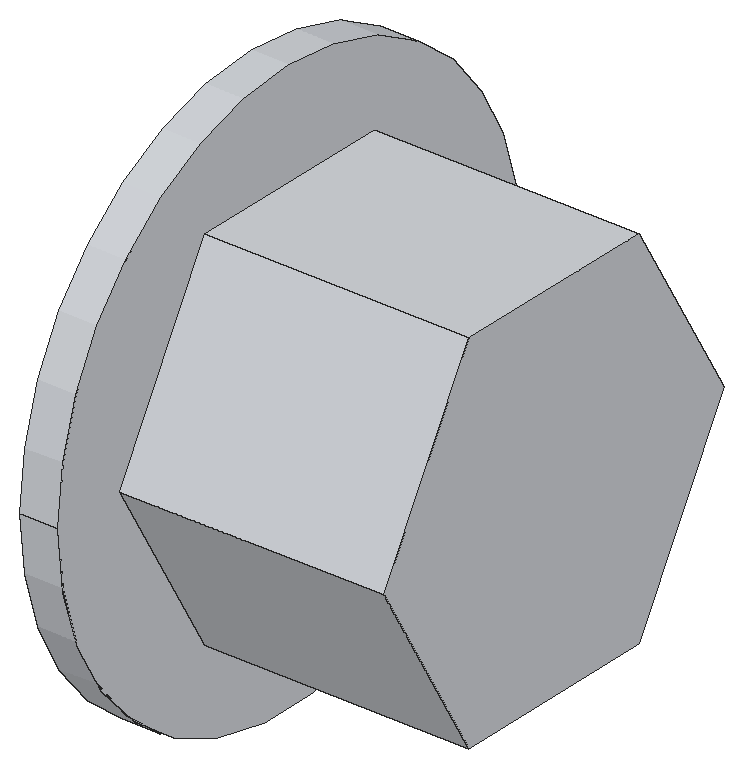
Revit family "Plugue- Rosqueado - CU", category Conexões de tubo, Revit 2019
Family settings
  Cota do conector redondo = Usar raio
  Tipo de parte = Cobertura
  Com base no plano de trabalho = Não
  Sempre na vertical = Sim
  Corte com vazios quando carregada = Não
  Compartilhado = Não
Parameters (values of type "Padrão")
  Espessura da parede [instance] = size_lookup(Nome da tabela de pesquisa, "WThk", 1 mm, Diâmetro nominal)  # 2.8 mm
  Nome da tabela de pesquisa = "BR_Plug - Threaded - CU"
  Comprimento 2 [instance] = Raio 1 * (1 - sin(60.00°))  # 1.507 mm
  Comprimento 1 [instance] = Raio 1 * cos(60.00°)  # 5.625 mm
  Comprimento [instance] = size_lookup(Nome da tabela de pesquisa, "Lgt", 0.35 * Diâmetro nominal + 4.9 mm, Diâmetro nominal) + Largura da extremidade  # 16 mm
  Largura da extremidade = 2 mm
  Raio externo final [instance] = Diâmetro externo final / 2  # 15.3 mm
  Diâmetro externo final [instance] = Diâmetro nominal + 2 * Espessura da parede  # 30.6 mm
  Raio 1 [instance] = Raio nominal * 0.9  # 11.25 mm
  Raio nominal [instance] = 12.5 mm
  Diâmetro nominal [instance] = Raio nominal * 2  # 25 mm
  Loss Method = (empty or 0)
  K Coefficient Table = (empty or 0)
Reference planes
  plane 1 "Centro (frente/trás)": y = 0
  plane 2: z = 0
  plane 3 "Centro (direita/esquerda)": x = 0
  plane 4: x = 16
  plane 5: y = 15.3
  plane 6: y = -15.3
  plane 7 "Base da porca": x = 2
  plane 8: z = 11.25
  plane 9: y = 11.25
  plane 10: z = -11.25
  plane 11: y = -11.25
  plane 12: z = 9.743
  plane 13: y = -5.625
  plane 14: z = -9.743
  plane 15: y = 5.625
Forms (mm)
  Sweep 1, solid, detail levels fine
    path origin (0, 0, 0) x (1, 0, 0) y (0, 1, 0)
      loop
        line (0, 0) -> (2, 0)
    profile origin (1, 0, 0) x (0, 1, 0) y (0, 0, 1)
      loop
        circle (0, 0) r 15.3
  Extrusion 2, solid, detail levels fine
    sketch origin (2, 0, 0) x (0, 1, 0) y (0, 0, 1)
      loop
        line (-11.25, 0) -> (-5.625, -9.743) -> (5.625, -9.743) -> (11.25, 0) -> (5.625, 9.743) -> (-5.625, 9.743) -> (-11.25, 0)
    from 0 to 14
Cuts and joins
  joined: Sweep 1, Extrusion 2
Lines and regions (mm)
  model lines, detail levels coarse+medium
    curve 1: line (0, 15.3, 0) -> (16, 15.3, 0)
    curve 2: line (16, 15.3, 0) -> (16, -15.3, 0)
    curve 3: line (0, -15.3, 0) -> (16, -15.3, 0)
Dimensions and locks
  "Comprimento": plane 3 "Centro (direita/esquerda)" to plane 4
  "Raio externo final": plane 5 to plane 1 "Centro (frente/trás)"
  equal spacing: plane 5, plane 1 "Centro (frente/trás)", plane 6
  "Largura da extremidade": plane 3 "Centro (direita/esquerda)" to plane 7 "Base da porca"
  "Raio 1": plane 11 to plane 1 "Centro (frente/trás)"
  "Raio 1": plane 1 "Centro (frente/trás)" to plane 9
  "Raio 1": plane 10 to plane 2
  "Raio 1": plane 8 to plane 2
  "Comprimento 2": plane 8 to plane 12
  "Comprimento 2": plane 14 to plane 10
  "Comprimento 1": plane 11 to plane 13
  "Comprimento 1": plane 15 to plane 9
  "Raio externo final": radius of Sweep 1 sketch curve
  aligned and locked: plane 3 "Centro (direita/esquerda)" to Sweep 1 sketch curve
  aligned and locked: plane 1 "Centro (frente/trás)" to Sweep 1 sketch curve
  aligned and locked: plane 3 "Centro (direita/esquerda)" to curve 1
  aligned and locked: curve 1 to plane 5
  aligned and locked: plane 5 to curve 2
  aligned and locked: plane 6 to curve 2
  aligned and locked: curve 2 to plane 4
  aligned and locked: plane 3 "Centro (direita/esquerda)" to curve 3
  aligned and locked: plane 4 to curve 3
  aligned and locked: plane 6 to curve 3
  aligned and locked: plane 7 "Base da porca" to Sweep 1 sketch curve
  aligned and locked: Extrusion 2 sketch curve to plane 12
  aligned and locked: plane 14 to Extrusion 2 sketch curve
  aligned and locked: plane 11 to Extrusion 2 sketch curve
  aligned and locked: plane 9 to Extrusion 2 sketch curve
  aligned and locked: Extrusion 2 to plane 7 "Base da porca"
  aligned and locked: plane 4 to Extrusion 2
Automatic sketch dimensions
  Sweep 1 sketch curve to level = 0 mm
  Sweep 1 sketch curve to profile plane = 0 mm
  Extrusion 2 sketch curve to plane 13 = 0 mm  (x2)
  Extrusion 2 sketch curve to plane 15 = 0 mm  (x2)
  Extrusion 2 sketch curve to level = 0 mm  (x2)
Connectors
  piping at (0, 0, 0), diameter 25, driven by "Raio nominal"
    settings: on Sweep 1, index 1, connector inside diameter 25 mm, connector length 0 mm, flow factor 0, pipe flow 0.0 L/s, pressure drop 0.0 Pa, fitting loss kfactor 0, connector angle 0.00°, fixture units 0, engagement length 0 mm, angle of deflection 0.00°, flow configuration 0, flow direction 0, fitting loss method 0, system type 28, joint type 0, gender type 0, connector reference index -1, connector utility 0, adjustable connector no, is connector primary yes, connector description ""
